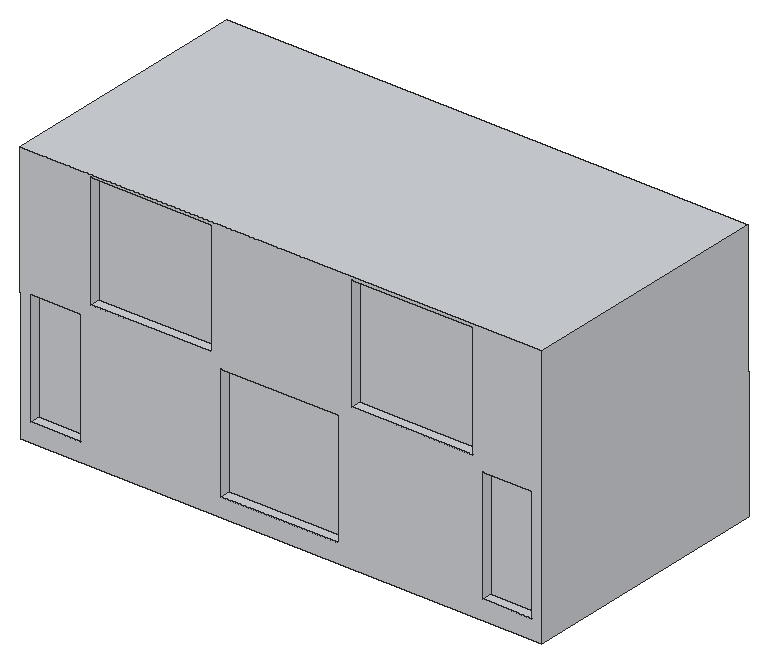
Revit family "SA 3H4W", category Generic Models, Revit 2019
Family settings
  Can host rebar = No
  Round Connector Dimension = Use Diameter
  Part Type = Normal
  Work Plane-Based = No
  Always vertical = Yes
  Cut with Voids When Loaded = No
  Shared = No
  Room Calculation Point = No
Parameters (values of type "3H4W SA")
  Width = 5' - 4 1/2"
  Weight (lbs) = "1675"
  URL = "www.renewaire.com"
  Model = "3H4W SA"
  Manufacturer = "Renewaire LLC"
  Length = 10' - 10 1/4"
  Height = 5' - 5 5/8"
  Description = "Energy Recovery Ventilator"
  Cores (L125-G5) = "12"
  Airflow Range (CFM) = "3,000-13,200"
Reference planes (in)
  plane 1 "Center (Front/Back)": y = 0
  plane 2: z = 0
  plane 3 "Center (Left/Right)": x = 0
Forms (in)
  Extrusion 1, solid
    sketch origin (0, 0, 0) x (1, 0, 0) y (0, 0, 1)
      loop
        line (0, 0) -> (130.25, 0) -> (130.25, 65.5) -> (0, 65.5) -> (0, 0)
    from 0 to 64.5
  Extrusion 2, void
    sketch origin (0.125, -32, -12.10338) x (1, 0, 0) y (0, 0, 1)
      loop
        line (2.375, 45.43107) -> (2.375, 16.93107) -> (15, 16.93107) -> (15, 45.43107) -> (2.375, 45.43107)
      loop
        line (50, 45.43107) -> (50, 16.93107) -> (79.40836, 16.93107) -> (79.40836, 45.43107) -> (50, 45.43107)
      loop
        line (47.75055, 76.93107) -> (17.5, 76.93107) -> (17.5, 48.43107) -> (47.75055, 48.43107) -> (47.75055, 76.93107)
      loop
        line (82.71498, 76.93107) -> (82.71498, 48.43107) -> (112.96498, 48.43107) -> (112.96498, 76.93107) -> (82.71498, 76.93107)
      loop
        line (115.375, 45.43107) -> (115.375, 16.93107) -> (127.75, 16.93107) -> (127.75, 45.43107) -> (115.375, 45.43107)
    from 30 to 34
  Extrusion 3, void
    sketch origin (0.125, 32, -11.9505) x (1, 0, 0) y (0, 0, 1)
      loop
        line (2.375, 45.43107) -> (2.375, 16.93107) -> (15, 16.93107) -> (15, 45.43107) -> (2.375, 45.43107)
      loop
        line (50, 45.43107) -> (50, 16.93107) -> (79.40836, 16.93107) -> (79.40836, 45.43107) -> (50, 45.43107)
      loop
        line (47.75055, 76.93107) -> (17.5, 76.93107) -> (17.5, 48.43107) -> (47.75055, 48.43107) -> (47.75055, 76.93107)
      loop
        line (81.53281, 76.93107) -> (81.53281, 48.43107) -> (111.78281, 48.43107) -> (111.78281, 76.93107) -> (81.53281, 76.93107)
      loop
        line (114.375, 45.43107) -> (114.375, 16.93107) -> (127, 16.93107) -> (127, 45.43107) -> (114.375, 45.43107)
    from 30 to 34
Cuts and joins
  Extrusion 2, Extrusion 3 cuts Extrusion 1
Dimensions and locks (in)
  aligned and locked: plane 2 to level
